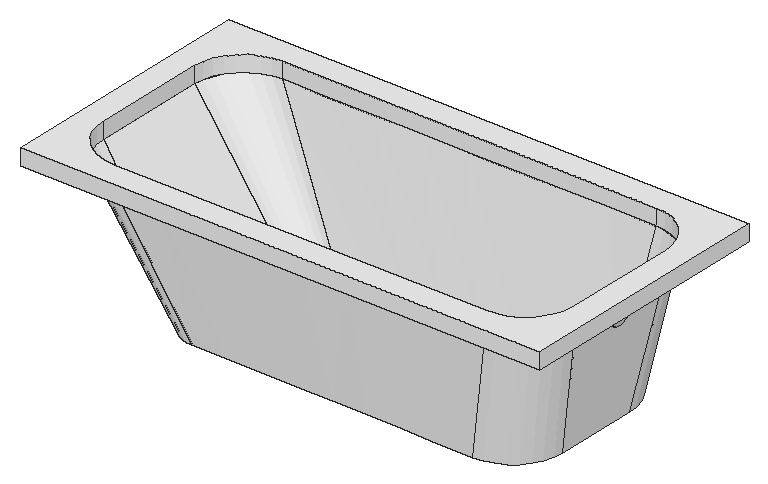
Revit family "NLRS_74_PF_UN_bad_S8H0U000000_SPHINX_BCB", category Plumbing Fixtures, Revit 2016
Family settings
  Part Type = Normal
  Round Connector Dimension = Use Radius
  OmniClass Number = 23.45.00.00
  OmniClass Title = Sanitary, Laundry, and Cleaning Equipment
  Work Plane-Based = No
  Always vertical = Yes
  Cut with Voids When Loaded = No
  Shared = No
  Room Calculation Point = No
Parameters (values of type "300 bad 160x80")
  NLRS_C_type = ""
  NLRS_C_serie = ""
  radius = 25 mm
  NLRS_C_revit_versie = "2016"
  NLRS_C_content_versie = "2.0"
  NLRS_C_content_provider = "BouwConnect"
  NLRS_C_content_datum_uitgifte = "APR-2018"
  NLRS_C_content_datum_gewijzigd = "APR-2018"
  NLRS_C_content_creator = "BouwConnect"
  NLRS_C_URL_product_data = "http://www.sphinx.nl/producten/baden/rechthoekige-baden/sphinx-b40-%7C-bad-b40300/30087/"
  NLRS_C_code_artikel = "S8H0U000000"
  Waste Connection = yes
  WFU = 0
  URL = "http://www.sphinx.nl/"
  NLRS_S_gewicht = 17.50 kg
  NLRS_C_lengte = 1600 mm
  NLRS_C_hoogte = 450 mm
  NLRS_C_diameter_uit = 50 mm
  NLRS_C_breedte = 800 mm
  Model = ""
  Manufacturer = "Sphinx"
  Keynote = ""
  IfcTypeProduct = "IfcSanitaryTerminalType"
  IfcExportType = "BATH"
  IfcExportAs = "IfcSanitaryTerminalTypeEnum"
  IfcElement = "IfcFlowTerminal"
  NLRS_C_code_EAN = "8711754119444"
  Description = "bad"
  NLRS_C_URL_BCB = "http://bcb-online.nl/?zoekterm=Sphinx+++%5bGeberit+B.V.%5d"
  Assembly Code = ""
  NLRS_C_materiaal_01 = NLRS_h2_staal_Sphinx
  NLRS_C_materiaal = NLRS_n6_acryl_wit_Sphinx
Reference planes
  plane 1 "Center (Front/Back)": y = 0
  plane 2: z = 0
  plane 3 "Center (Left/Right)": x = 0
Forms (mm)
  Extrusion 1, solid, material "NLRS_n6_acryl_wit_Sphinx" <- "NLRS_C_materiaal", detail levels medium+fine
    sketch origin (0, 0, -450) x (1, 0, 0) y (0, 1, 0)
      loop
        line (0, 0) -> (0, -400) -> (75, -400) -> (75, -225)
        arc (75, -225) -> (118.934, -118.934) -> (225, -75) r 150
        line (225, -75) -> (1375, -75)
        arc (1375, -75) -> (1481.066, -118.934) -> (1525, -225) r 150
        line (1525, -225) -> (1525, -400) -> (1600, -400) -> (1600, 0) -> (0, 0)
    from 400 to 450
  Blend 2, solid, material "NLRS_n6_acryl_wit_Sphinx" <- "NLRS_C_materiaal", detail levels medium+fine
    base sketch origin (0, 0, -450) x (1, 0, 0) y (0, 1, 0)
      loop
        arc (425.195, -127.734) -> (365.519, -152.457) -> (340.801, -212.134) r 84.4
        line (340.801, -212.134) -> (340.801, -586.985)
        arc (340.801, -586.985) -> (365.461, -646.969) -> (425.179, -672.265) r 85.285
        line (425.179, -672.265) -> (1298.54, -681.558)
        arc (1298.54, -681.558) -> (1407.67, -637.268) -> (1453, -528.566) r 152.999
        line (1453, -528.566) -> (1453, -271.268)
        arc (1453, -271.268) -> (1407.659, -162.624) -> (1298.538, -118.442) r 152.836
        line (1298.538, -118.442) -> (425.195, -127.734)
    top sketch origin (0, 0, -450) x (1, 0, 0) y (0, 1, 0)
      loop
        arc (225, -72) -> (116.813, -116.813) -> (72, -225) r 153
        line (72, -225) -> (72, -575)
        arc (72, -575) -> (116.813, -683.187) -> (225, -728) r 153
        line (225, -728) -> (1375, -728)
        arc (1375, -728) -> (1483.187, -683.187) -> (1528, -575) r 153
        line (1528, -575) -> (1528, -225)
        arc (1528, -225) -> (1483.187, -116.813) -> (1375, -72) r 153
        line (1375, -72) -> (225, -72)
    from 0 to 400
  Blend 3, void, detail levels medium+fine
    base sketch origin (0, 0, -447) x (1, 0, 0) y (0, 1, 0)
      loop
        arc (425.211, -130.734) -> (367.646, -154.572) -> (343.801, -212.134) r 81.4
        line (343.801, -212.134) -> (343.801, -586.985)
        arc (343.801, -586.985) -> (367.593, -644.859) -> (425.211, -669.266) r 82.285
        line (425.211, -669.266) -> (1298.57, -678.559)
        arc (1298.57, -678.559) -> (1405.559, -635.136) -> (1450, -528.566) r 149.999
        line (1450, -528.566) -> (1450, -271.268)
        arc (1450, -271.268) -> (1405.549, -164.757) -> (1298.57, -121.441) r 149.836
        line (1298.57, -121.441) -> (425.211, -130.734)
    top sketch origin (0, 0, -447) x (1, 0, 0) y (0, 1, 0)
      loop
        arc (225, -75) -> (118.934, -118.934) -> (75, -225) r 150
        line (75, -225) -> (75, -575)
        arc (75, -575) -> (118.934, -681.066) -> (225, -725) r 150
        line (225, -725) -> (1375, -725)
        arc (1375, -725) -> (1481.066, -681.066) -> (1525, -575) r 150
        line (1525, -575) -> (1525, -225)
        arc (1525, -225) -> (1481.066, -118.934) -> (1375, -75) r 150
        line (1375, -75) -> (225, -75)
    from 0 to 400
  Extrusion 4, solid, material "NLRS_n6_acryl_wit_Sphinx" <- "NLRS_C_materiaal", detail levels medium+fine
    sketch origin (0, -800, -450) x (1, 0, 0) y (0, 1, 0)
      loop
        line (0, 0) -> (1600, 0) -> (1600, 400) -> (1525, 400) -> (1525, 225)
        arc (1525, 225) -> (1481.066, 118.934) -> (1375, 75) r 150
        line (1375, 75) -> (225, 75)
        arc (225, 75) -> (118.934, 118.934) -> (75, 225) r 150
        line (75, 225) -> (75, 400) -> (0, 400) -> (0, 0)
    from 400 to 450
  Extrusion 5, solid, material "NLRS_n6_acryl_wit_Sphinx" <- "NLRS_C_materiaal", detail levels coarse
    sketch origin (-1352.202, 793.456, -450) x (1, 0, 0) y (0, 1, 0)
      loop
        line (1352.202, -793.456) -> (1352.202, -1593.456) -> (2952.202, -1593.456) -> (2952.202, -793.456) -> (1352.202, -793.456)
    from 0 to 450
  Extrusion 6, void, detail levels coarse
    sketch origin (-1352.202, 793.456, -450) x (1, 0, 0) y (0, 1, 0)
      loop
        line (1424.202, -1018.456) -> (1424.202, -1368.455)
        arc (1424.202, -1368.455) -> (1469.015, -1476.643) -> (1577.203, -1521.456) r 153
        line (1577.203, -1521.456) -> (2727.203, -1521.456)
        arc (2727.203, -1521.456) -> (2835.39, -1476.643) -> (2880.202, -1368.456) r 153
        line (2880.202, -1368.456) -> (2880.202, -1018.456)
        arc (2880.202, -1018.456) -> (2835.39, -910.268) -> (2727.202, -865.456) r 153
        line (2727.202, -865.456) -> (1577.203, -865.456)
        arc (1577.203, -865.456) -> (1469.015, -910.268) -> (1424.202, -1018.456) r 153
    from 50 to 500
  Extrusion 7, solid, material "NLRS_h2_staal_Sphinx" <- "NLRS_C_materiaal_01", detail levels medium+fine
    sketch origin (400.915, -53.084, -450) x (1, 0, 0) y (0, 1, 0)
      loop
        circle (899.022, -346.916) r 26
    from -10 to 0
  Extrusion 8, void, detail levels fine
    sketch origin (349.937, -118, -450) x (1, 0, 0) y (0, 1, 0)
      loop
        circle (950, -282) r 23
    from -20 to 10
  Revolve 9, solid, material "NLRS_h2_staal_Sphinx" <- "NLRS_C_materiaal_01", detail levels fine
    sketch origin (349.937, -400, -450) x (1, 0, 0) y (0, 0, 1)
      loop
        arc (920.939, 11) -> (907.985, 9.448) -> (895.764, 4.881) r 54.847
        arc (895.764, 4.881) -> (895.444, 4.657) -> (895.194, 4.356) r 1.467
        arc (895.194, 4.356) -> (895.093, 3.653) -> (895.545, 3.106) r 0.878
        arc (895.545, 3.106) -> (896.133, 3.026) -> (896.725, 3) r 6.633
        line (896.725, 3) -> (950, 3) -> (950, 11) -> (920.939, 11)
      axis (950, 3) -> (950, 11)
    angle from 0 to 360
  Revolve 10, solid, material "NLRS_h2_staal_Sphinx" <- "NLRS_C_materiaal_01", detail levels fine
    sketch origin (1596.437, -1350, -90) x (0, 1, 0) y (-1, 0, 0)
      loop
        line (950, 72) -> (950, 102) -> (925, 102)
        arc (925, 102) -> (914.393, 97.607) -> (910, 87) r 15
        line (910, 87) -> (910, 72) -> (950, 72)
      axis (950, 102) -> (950, 72)
    angle from 0 to 360
  Extrusion 11, solid, material "NLRS_n6_acryl_wit_Sphinx" <- "NLRS_C_materiaal", not visible
    sketch origin (0, 0, -450) x (1, 0, 0) y (0, 1, 0)
      loop
        circle (1299.937, -400) r 25
    from 0 to 5
Cuts and joins
  Blend 3, Extrusion 8 cuts Blend 2
  joined: Extrusion 1, Blend 2, Extrusion 4
  Extrusion 6, Extrusion 8 cuts Extrusion 5
  Extrusion 8 cuts Extrusion 7
  Extrusion 8 cuts Revolve 9
Dimensions and locks
  aligned and locked: level to plane 2
Connectors
  piping at (1299.937, -400, -450), diameter 50, driven by "WFU", driven by "radius"
    settings: on Extrusion 11, index 1, connector inside diameter 50 mm, connector length 0 mm, flow factor 0, pipe flow 0.0 L/s, pressure drop 0.0 Pa, fitting loss kfactor 0, connector angle 0.00°, fixture units 0, engagement length 0 mm, angle of deflection 0.00°, flow configuration 3, flow direction 2, fitting loss method 0, system type 16, joint type 0, gender type 0, connector reference index -1, connector utility 0, adjustable connector no, is connector primary yes, connector description "out"
